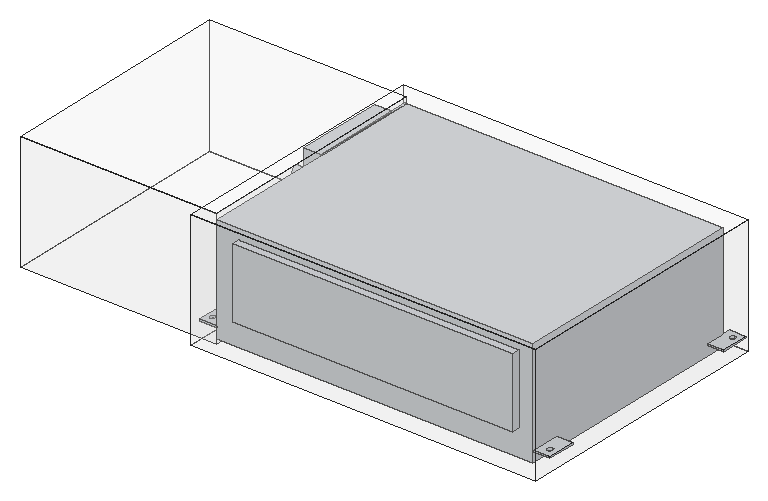
Revit family "pefy-mp140_280m-f_50Hz", category 機械設備, Revit 2019
Family settings
  丸型コネクタ寸法 = 直径を使用
  パーツ タイプ = 標準
  OmniClass 番号 = 23.75.10.24.21.27.27
  OmniClass タイトル = Split System Air Conditioning Units
  作業面ベース = いいえ
  常に垂直 = はい
  ロード時にボイドで切り取り = いいえ
  共有 = いいえ
  部屋計算ポイント = はい
Parameters (values of type "PEFY-MP140M-F")
  風量（弱）（m3／min） = 14
  風量（m3／min） = 18
  風量 = MAX風量  # 1080.0 m³/h
  音響パワーレベル（弱）(dB) = 61
  音響パワーレベル(dB) = 68
  電源種別 = ""
  電源_H = 0 mm
  電圧_電気ヒーター = 0 V
  電圧 = 200 V
  電動機出力_送風機 = 0.244 kW
  運転質量 = 0.00 kg
  連動 = ""
  質量 = if(製品質量 > 運転質量, 製品質量, 運転質量) * 1.2  # 58.80 kg
  負荷分類 = 3_ファン類
  説明 = "ビル用マルチエアコン　天井埋込形オールフレッシュ　室内機"
  設計暖房能力 = 0.00 kW
  設計冷房能力_顕熱 = 0 kW
  設計冷房能力 = 0 kW
  設置方法 = "天井吊（隠ぺい）形"
  記号 = ""
  製造元 = "三菱電機株式会社"
  製品質量 = 49.00 kg
  製品出荷対象 = "国内"
  製品リリース年月 = "2025/7/31"
  製品グループ = ""
  系統 = ""
  符号 = "ACP_CID"
  積算_科目 = "1 空気調和設備"
  積算_拾い区分 [instance] = ""
  相_電気ヒーター = 1
  相 = 1
  盤記号 = ""
  発停方法 = "付属スイッチ"
  特殊仕様 = ""
  点検口離隔 [instance] = if(点検口離隔入力値 > 200 mm, 200 mm, if(点検口離隔入力値 < 150 mm, 150 mm, 点検口離隔入力値))  # 150 mm
  点検口離隔入力値 [instance] = 150 mm
  点検口設置範囲 = 700 mm
  点検口位置 = 200 mm
  点検口 = yes
  火災停止 = ""
  消費電力_電気ヒーター = 0.00 kW
  消費電力_暖房 = 0.12 kW
  消費電力_加湿器 = 0.00 kW
  消費電力_冷房 = 0.14 kW
  消費電力 = if(消費電力_冷房 > 消費電力_暖房, 消費電力_冷房, 消費電力_暖房) + 消費電力_加湿器 + 消費電力_電気ヒーター  # 0.14 kW
  法定耐用年数 = "15"
  機外静圧 = 130.0 Pa
  極数 = 2
  材質 = ""
  本体マテリアル = none
  有効加湿量 = 0
  暖房能力 = 8.90 kW
  形式_加湿器 = ""
  形式 = "天井吊（隠ぺい）形（両ダクト形）"
  幹線記号 = ""
  始動方式 = "直入"
  呼称 = "室内機_天井吊（隠ぺい）形（両ダクト形）"
  周波数 = 50 Hz
  吊り幅 = if(Depth = 900 mm, 60 mm, 60 mm)  # 60 mm
  吊り位置Y = 814 mm
  吊り位置X = 1204 mm
  吊りボルト_H = 41 mm  # constant formula
  台数_手元リモコン = ""
  台数_冷媒分岐ユニット = ""
  参照している仕様書等のバージョン = "公共建築工事標準仕様書（機械設備工事編）平成31年度版"
  加湿給水管径 = 0.00 mm
  分類コード = "50053003221070"
  分類グループ = ""
  冷房能力 = 14 kW
  冷媒高低圧ガス管径 = 0.00 mm
  冷媒管径符号 = "Bd"
  冷媒管径 = 100.00 mm
  冷媒液管径 = 9.52 mm
  冷媒液管_縦 = 58 mm
  冷媒液管_横 = 69 mm
  冷媒ガス管径 = 15.88 mm
  冷媒ガス管_縦 = 143 mm
  冷媒ガス管_横 = 186 mm
  企業コード = "108420"
  付属品_フィルター = ""
  付属品 = ""
  仕様書バージョン = "Version1.0"
  モデル = "PEFY-MP140M-F"
  ドレン管径 = 32.00 mm
  ドレン管_縦 = 327 mm
  ドレン管_横 = 431 mm
  サービススペース = yes
  コメント [instance] = ""
  ケーブル種類 = ""
  ケーブルサイズ = 0 mm
  Width = 1195 mm
  Version = ""
  Uniclass2015Version = "Systems v1.9"
  Uniclass2015Title = "Split coil remote air cooled condensing units"
  Uniclass2015Code = "Pr_70_65_03_84"
  URL = "https://www.mitsubishielectric.co.jp/ldg/wink/qr/002/341455/"
  SpecificationReference = ""
  SpecificationDescription = ""
  S_H = Height + 20 mm  # 400 mm
  SAサイズ_W = 1000 mm
  SAサイズ_D = 250 mm
  Revision = ""
  RAサイズ_W = 1050 mm
  RAサイズ_D = 340 mm
  ProductInformation = ""
  OmniClassCode = "23-33 17 13 11"
  MIN風量 = 風量（弱）（m3／min） * 60.0 m³/h  # 840.0 m³/h
  MAX風量 = 風量（m3／min） * 60.0 m³/h  # 1080.0 m³/h
  IfcTypeProduct = ""
  IfcProduct = ""
  IfcExportType = "AIRCONDITIONINGUNIT"
  IfcExportAs = "IfcUnitaryEquipmentType"
  Height = 380 mm
  Depth = 900 mm
  Clearance Top = 20 mm  # constant formula
  Clearance Right = 50 mm  # constant formula
  Clearance Left = if(Width = 1195 mm, 1180 mm, 1300 mm)  # 1180 mm
  Clearance Front = if(Depth = 900 mm, 897 mm, 1117 mm)  # 897 mm
  Clearance Bottom = 20 mm  # constant formula
  Clearance Back = 50 mm  # constant formula
  Author = "三菱電機株式会社"
Types (3, lengths in mm): name | 風量（弱）（m3／min） | 風量（m3／min） | 風量 | 音響パワーレベル（弱）(dB) | 音響パワーレベル(dB) | 電動機出力_送風機 | 質量 | 製品質量 | 点検口設置範囲 | 点検口位置 | 消費電力_暖房 | 消費電力_冷房 | 消費電力 | 暖房能力 | 吊り位置Y | 吊り位置X | 冷房能力 | 冷媒管径符号 | 冷媒液管_縦 | 冷媒液管_横 | 冷媒ガス管径 | 冷媒ガス管_縦 | 冷媒ガス管_横 | モデル | ドレン管_横 | Width | URL | S_H | SAサイズ_W | SAサイズ_D | RAサイズ_W | RAサイズ_D | MIN風量 | MAX風量 | Height | Depth | Clearance Left | Clearance Front
  PEFY-MP140M-F | 14 | 18 | 1080.0 m³/h | 61 | 68 | 0.244 kW | 58.80 kg | 49.00 kg | 700 | 200 | 0.12 kW | 0.14 kW | 0.14 kW | 8.90 kW | 814 | 1204 | 14 kW | "Bd" | 58 | 69 | 15.88 | 143 | 186 | "PEFY-MP140M-F" | 431 | 1195 | "https://www.mitsubishielectric.co.jp/ldg/wink/qr/002/341455/" | 400 | 1000 | 250 | 1050 | 340 | 840.0 m³/h | 1080.0 m³/h | 380 | 900 | 1180 | 897
  PEFY-MP280M-F | 28 | 35 | 2100.0 m³/h | 66 | 71 | 0.375 kW | 97.20 kg | 81.00 kg | 800 | 300 | 0.25 kW | 0.28 kW | 0.28 kW | 17.40 kW | 1034 | 1324 | 28 kW | "Bf" | 44 | 95 | 22.20 | 164 | 249 | "PEFY-MP280M-F" | 489 | 1250 | "https://www.mitsubishielectric.co.jp/ldg/wink/qr/002/341457/" | 490 | 1100 | 340 | 1100 | 420 | 1680.0 m³/h | 2100.0 m³/h | 470 | 1120 | 1300 | 1117
  PEFY-MP224M-F | 22.5 | 28 | 1680.0 m³/h | 62 | 67 | 0.375 kW | 93.60 kg | 78.00 kg | 800 | 300 | 0.10 kW | 0.12 kW | 0.12 kW | 13.90 kW | 1034 | 1324 | 22.4 kW | "Be" | 44 | 95 | 19.10 | 164 | 249 | "PEFY-MP224M-F" | 489 | 1250 | "https://www.mitsubishielectric.co.jp/ldg/wink/qr/002/341456/" | 490 | 1100 | 340 | 1100 | 420 | 1350.0 m³/h | 1680.0 m³/h | 470 | 1120 | 1300 | 1117
Reference planes
  plane 1 "中心(正面/背面)": y = -138.467
  plane 2: z = 0
  plane 3 "中心(左/右)": x = 140.396
  plane 4: z = 380
  plane 5: z = 400
  plane 6: x = 742.396
  plane 7: x = -461.604
  plane 8: y = -528.467
  plane 9: y = 285.533
  plane 10: y = -588.467
  plane 11: y = 311.533
  plane 12: x = 705.396
  plane 13: x = -489.604
  plane 14: z = -20
  plane 15: x = 765.396
  plane 16: y = -559.467
  plane 17: y = 287.533
  plane 18: y = -135.967
  plane 19: y = -362.467
  plane 20: y = 87.533
  plane 21: x = -424.604
  plane 22: x = -574.604
  plane 23: x = -1124.604
  plane 24: z = 400
  plane 25: x = -474.604
  plane 26: y = -609.467
  plane 27: x = 755.396
  plane 28: y = 337.533
  plane 29: x = -1024.604
Lines and regions (mm)
  symbolic lines, detail levels coarse+medium
    curve 1: line (705.396, 287.533, 0) -> (-424.604, 287.533, 0)
    curve 2: line (705.396, -559.467, 0) -> (705.396, 287.533, 0)
    curve 3: line (-424.604, -559.467, 0) -> (705.396, -559.467, 0)
    curve 4: line (-424.604, 287.533, 0) -> (-424.604, -559.467, 0)
Dimensions and locks
  "S_H": plane 5 to level
  "吊り位置X": plane 6 to plane 7
  "吊り位置Y": plane 9 to plane 8
  equal spacing: plane 11, plane 1 "中心(正面/背面)", plane 10
  "Depth": plane 11 to plane 10
  "Width": plane 12 to plane 13
  "Clearance Bottom": level to plane 14
  locked: plane 8 to plane 10 at 60
  "吊り幅": plane 15 to plane 12
  locked: plane 15 to plane 6 at 23
  "Height": plane 4 to level
  locked: plane 11 to plane 17 at 24
  locked: plane 16 to plane 10 at 29
  locked: plane 20 to plane 19 at 450
  equal spacing: plane 17, plane 18, plane 16
  plane 21 to plane 7 = 37 mm
  "点検口離隔": plane 21 to plane 22
  "点検口設置範囲": plane 21 to plane 23
  "Clearance Top": plane 24 to plane 4
  "Clearance Back": plane 16 to plane 26
  "Clearance Right": plane 21 to plane 25
  "Clearance Front": plane 28 to plane 16
  "Clearance Left": plane 27 to plane 21
  "点検口位置": plane 17 to plane 20
  equal spacing: plane 6, plane 3 "中心(左/右)", plane 7
  equal spacing: plane 12, plane 3 "中心(左/右)", plane 21
  locked: plane 29 to plane 22 at 450
  plane 13 to plane 21 = 65 mm
  plane 24 to plane 4 to level to plane 14 = 20 mm, 380 mm, 20 mm
  aligned and locked: level to plane 2
  aligned and locked: nested 3 to plane 6
  aligned and locked: nested 3 to plane 7
  aligned and locked: plane 8 to nested 3
  aligned and locked: nested 3 to plane 9
  aligned and locked: nested 4 to plane 3 "中心(左/右)"
  aligned and locked: plane 1 "中心(正面/背面)" to nested 4
  aligned and locked: plane 19 to nested 2
  aligned and locked: plane 20 to nested 2
  aligned and locked: nested 2 to plane 22
  aligned and locked: plane 24 to nested 1
  aligned and locked: plane 24 to nested 5
  aligned and locked: plane 14 to nested 1
  aligned and locked: plane 14 to nested 5
  aligned and locked: nested 1 to plane 16
  aligned and locked: nested 1 to plane 17
  aligned and locked: nested 1 to plane 23
  aligned and locked: nested 1 to plane 21
  aligned and locked: nested 5 to plane 26
  aligned and locked: nested 5 to plane 28
  aligned and locked: nested 5 to plane 25
  aligned and locked: nested 5 to plane 27
  aligned and locked: curve 2 to nested 4
  aligned and locked: nested 1 to curve 4
  aligned and locked: plane 29 to nested 2
Automatic sketch dimensions
  curve 2 to plane 17 = 0 mm
  curve 3 to plane 16 = 0 mm
Nested families
  nested 1: "サービススペース" at (-774.604, -135.967, 190) x (-1, 0, 0) z (0, 0, 1), visible <- "サービススペース", type "サービススペース"
    with Width 700 mm, Height 420 mm, Depth 847 mm
  nested 2: "点検口設置範囲" at (-799.604, -137.467, 0) x (-1, 0, 0) z (0, 0, 1), visible <- "点検口", type "点検口設置範囲"
    with Width 450 mm, Depth 450 mm
  nested 3: "固定点" at (742.396, 285.533, 0) x (-1, 0, 0) z (0, 0, 1), type "固定点"
    with W 1204 mm, D 814 mm
  nested 4: "PEFY-MP_M-F" at (312.896, -138.467, 0) x (0, -1, 0) z (0, 0, 1), type "PEFY-MP_M-F"
    with 制御ボクス yes, ユニット表示 yes
  nested 5: "サービススペース" at (140.396, -135.967, 190) x (-1, 0, 0) z (0, 0, 1), visible <- "サービススペース", type "サービススペース"
    with Width 1230 mm, Height 420 mm, Depth 947 mm
Connectors
  hvac at (155.396, -588.467, 219), driven by "SAサイズ_D", driven by "SAサイズ_W", driven by "機外静圧", driven by "風量"
    settings: on nested 4, index 1, duct flow 1080.0 m³/h, flow factor 0, pres drop 130.0 Pa, loss coef 0, conn angle 0.00°, conn width 1000 mm, conn height 250 mm, conn diameter 609.6 mm, duct sys type 29, conn prof type 1, flow config 0, flow direction 2, loss method 4, conn ref index -1, conn util no, is conn primary yes, conn desc "SA"
  hvac at (140.396, 311.533, 186), driven by "RAサイズ_D", driven by "RAサイズ_W", driven by "風量"
    settings: on nested 4, index 2, duct flow 1080.0 m³/h, flow factor 0, pres drop 0.0 Pa, loss coef 0, conn angle 0.00°, conn width 1050 mm, conn height 340 mm, conn diameter 609.6 mm, duct sys type 29, conn prof type 1, flow config 0, flow direction 1, loss method 4, conn ref index -1, conn util no, is conn primary no, conn desc "RA"
  piping at (-501.604, -338.967, 172), diameter 100, driven by "冷媒管径", driven by "冷媒管径符号"
    settings: on nested 4, index 3, connector inside diameter 609.60 mm, connector length 0 mm, flow factor 0, pipe flow 0.0 L/s, pressure drop 0.0 Pa, fitting loss kfactor 0, connector angle 0.00°, fixture units 0, engagement length 0 mm, angle of deflection 0.00°, flow configuration 1, flow direction 1, fitting loss method 4, system type 7, joint type 0, gender type 0, connector reference index -1, connector utility 0, adjustable connector no, is connector primary yes, connector description "Bd"
  piping at (-486.604, -128.467, 327), diameter 32, driven by "ドレン管径"
    settings: on nested 4, index 4, connector inside diameter 609.60 mm, connector length 0 mm, flow factor 0, pipe flow 0.0 L/s, pressure drop 0.0 Pa, fitting loss kfactor 0, connector angle 0.00°, fixture units 0, engagement length 0 mm, angle of deflection 0.00°, flow configuration 1, flow direction 2, fitting loss method 4, system type 16, joint type 0, gender type 0, connector reference index -1, connector utility 0, adjustable connector no, is connector primary no, connector description ""
  electrical at (-434.604, 117.533, 60), driven by "極数", driven by "負荷分類", driven by "電圧", driven by "消費電力"
    settings: on nested 4, index 5, voltage 200 V, apparent load 140 VA, apparent load phase1 0 VA, apparent load phase2 0 VA, apparent load phase3 0 VA, power factor 1, load classification "3_ファン類", number of poles 2, system type 30, power factor state 1, is connector primary yes, connector utility no, sub classification motor no, connector description ""
  piping at (-444.604, -215.467, 30), diameter 32, driven by "ドレン管径"
    settings: on nested 4, index 6, connector inside diameter 609.60 mm, connector length 0 mm, flow factor 0, pipe flow 0.0 L/s, pressure drop 0.0 Pa, fitting loss kfactor 0, connector angle 0.00°, fixture units 0, engagement length 0 mm, angle of deflection 0.00°, flow configuration 1, flow direction 2, fitting loss method 4, system type 16, joint type 0, gender type 0, connector reference index -1, connector utility 0, adjustable connector no, is connector primary no, connector description ""
Definition of nested family "サービススペース"
  Parameters (values of type "サービススペース")
    Width [instance] = 500 mm
    Height [instance] = 500 mm
    Depth [instance] = 500 mm
  Reference planes
    plane 1 "中心(正面/背面)": y = 0
    plane 2: z = 0
    plane 3 "中心(左/右)": x = 0
    plane 4: y = -250
    plane 5: x = 250
    plane 6: y = 250
    plane 7: x = -250
    plane 8: z = 250
    plane 9: z = -250
  Forms (mm)
    Extrusion 1, solid
      sketch origin (-638.939, 0, 72.39) x (1, 0, 0) y (0, 1, 0)
        loop
          line (388.939, 250) -> (388.939, -250) -> (888.939, -250) -> (888.939, 250) -> (388.939, 250)
      from -322.39 to 177.61
  Lines and regions (mm)
    symbolic lines
      curve 1: line (-250, 0, 250) -> (250, 0, 250)
      curve 2: line (-250, 0, -250) -> (-250, 0, 250)
      curve 3: line (250, 0, -250) -> (-250, 0, -250)
      curve 4: line (250, 0, 250) -> (250, 0, -250)
      curve 5: line (0, -250, 250) -> (0, 250, 250)
      curve 6: line (0, -250, -250) -> (0, -250, 250)
      curve 7: line (0, 250, -250) -> (0, -250, -250)
      curve 8: line (0, 250, 250) -> (0, 250, -250)
      curve 9: line (-250, 250, 0) -> (250, 250, 0)
      curve 10: line (-250, -250, 0) -> (-250, 250, 0)
      curve 11: line (250, -250, 0) -> (-250, -250, 0)
      curve 12: line (250, 250, 0) -> (250, -250, 0)
  Dimensions and locks
    equal spacing: plane 7, plane 3 "中心(左/右)", plane 5
    equal spacing: plane 4, plane 1 "中心(正面/背面)", plane 6
    "Depth": plane 4 to plane 6
    "Width": plane 7 to plane 5
    equal spacing: plane 8, plane 2, plane 9
    "Height": plane 8 to plane 9
    aligned and locked: plane 9 to curve 3
    aligned and locked: plane 7 to curve 2
    aligned and locked: curve 4 to plane 5
    aligned and locked: plane 5 to Extrusion 1
    aligned and locked: Extrusion 1 to plane 7
    aligned and locked: Extrusion 1 to plane 9
    aligned and locked: plane 8 to Extrusion 1
    aligned and locked: plane 9 to curve 7
  Automatic sketch dimensions
    plane 4 to Extrusion 1 sketch curve = 0 mm
    Extrusion 1 sketch curve to plane 7 = 0 mm
    Extrusion 1 sketch curve to plane 5 = 0 mm
    plane 6 to Extrusion 1 sketch curve = 0 mm
    curve 2 to plane 8 = 0 mm
    plane 4 to curve 11 = 0 mm
    curve 11 to plane 7 = 0 mm
    curve 11 to plane 5 = 0 mm
    plane 6 to curve 10 = 0 mm
    curve 7 to plane 4 = 0 mm
    curve 7 to plane 6 = 0 mm
    curve 6 to plane 8 = 0 mm
Definition of nested family "PEFY-MP_M-F"
  Parameters (values of type "PEFY-MP_M-F")
    配線取出口サイズ = 36 mm
    配線取出口-Z = 60 mm  # constant formula
    配線取出口-Y = 10 mm  # constant formula
    配線取出口-X = 50 mm  # constant formula
    制御ボクス [instance] = and(ユニット表示, 幅さ = 900 mm)  # yes
    冷媒液配管サイズ = 9.52 mm
    冷媒液管長さ = if(幅さ = 900 mm, 66 mm, 100 mm)  # 66 mm
    冷媒ガス管長さ = if(幅さ = 900 mm, 77 mm, 100 mm)  # 77 mm
    ドレン管径_自然-X = if(幅さ = 900 mm, 344 mm, 424 mm)  # 344 mm
    y = if(幅さ = 900 mm, 65 mm, 0 mm)  # 65 mm
    e = if(幅さ = 900 mm, 80 mm, 100 mm)  # 80 mm
    d = if(幅さ = 900 mm, 40 mm, 102 mm)  # 40 mm
    R2 = 250 mm
    R1 = if(幅さ = 900 mm, 94 mm, 105 mm)  # 94 mm
    L2 = 340 mm
    L1 = if(幅さ = 900 mm, 16 mm, 20 mm)  # 16 mm
    E = 1000 mm
    C = 1130 mm
    A = if(奥行き = 1195 mm, 1250 mm, 1370 mm)  # 1250 mm
    高さ = 380 mm
    奥行き = 1195 mm
    吊りボルト_H = 167 mm
    冷媒配管 = 100 mm
    冷媒液管径-Z = 58 mm
    冷媒液管径-X = 69 mm
    冷媒ガス管径-Z = 143 mm
    冷媒ガス管径-X = 186 mm
    ユニット表示 [instance] = yes
    吊りボルトピッチ = 814 mm
    ドレン配管サイズ = 32 mm
    ドレン管径-Z = 327 mm
    ドレン管径-Y = 10 mm  # constant formula
    ドレン管径-X = 431 mm
    冷媒ガス配管サイズ = 15.88 mm
    D = 1050 mm
    幅さ = 900 mm
    B = 1204 mm
  Reference planes
    plane 1 "中心(正面/背面)": y = -172.5
    plane 2: z = 0
    plane 3 "中心(左/右)": x = 0
    plane 4: z = 380
    plane 5: z = -20
    plane 6: x = -450
    plane 7: x = 450
    plane 8: y = -797.5
    plane 9: z = 400
    plane 10: y = 392.5
    plane 11: y = -737.5
    plane 12: x = -426
    plane 13: x = 421
    plane 14: z = 41
    plane 15: z = 36
    plane 16: y = 342.5
    plane 17: y = -657.5
    plane 18: y = 352.5
    plane 19: y = -697.5
    plane 20: y = 429.5
    plane 21: z = 356
    plane 22: z = 16
    plane 23: z = 94
    plane 24: z = 344
    plane 25: y = -802.5
    plane 26: x = -366
    plane 27: x = -306
    plane 28: z = 120
    plane 29: z = 170
    plane 30: y = -742.5
    plane 31: x = -454
    plane 32: x = 390
    plane 33: x = -424
    plane 34: x = -354
    plane 35: x = 321
    plane 36: y = 452.5
    plane 37: y = -774.5
    plane 38: y = -802.5
    plane 39: x = 235
    plane 40: z = 143
    plane 41: x = 166
    plane 42: z = 201
    plane 43: x = 200.5
    plane 44: z = 172
    plane 45: x = -10
    plane 46: x = -50
    plane 47: z = 327
    plane 48: x = -256
    plane 49: z = 60
    plane 50: z = 30
    plane 51: x = 77
    plane 52: y = -814.5
    plane 53: y = -803.5
  Forms (mm)
    Extrusion 1, solid, visible <- "ユニット表示", detail levels fine
      sketch origin (0, 0, 0) x (1, 0, 0) y (0, 1, 0)
        loop
          line (-426, 392.5) -> (-426, -737.5) -> (421, -737.5) -> (421, 392.5) -> (-426, 392.5)
      from 0 to 380
    Extrusion 2, solid, visible <- "ユニット表示", detail levels fine
      sketch origin (0, 0, 0) x (1, 0, 0) y (0, 1, 0)
        loop
          line (-450, 352.5) -> (-450, -697.5) -> (-426, -697.5) -> (-426, 352.5) -> (-450, 352.5)
      from 16 to 356
    Extrusion 3, solid, visible <- "ユニット表示", detail levels fine
      sketch origin (0, 0, 0) x (1, 0, 0) y (0, 1, 0)
        loop
          line (450, 342.5) -> (421, 342.5) -> (421, -657.5) -> (450, -657.5) -> (450, 342.5)
      from 94 to 344
    Extrusion 4, solid, visible <- "ユニット表示", detail levels fine
      sketch origin (1480.036, -737.5, 1200) x (1, 0, 0) y (0, 0, 1)
        loop
          line (-1906.036, -820) -> (-1906.036, -1080) -> (-1786.036, -1200) -> (-1530.036, -1200) -> (-1530.036, -820) -> (-1906.036, -820)
      from 0 to 5
    Extrusion 5, solid, visible <- "制御ボクス", detail levels fine
      sketch origin (1480.036, -742.5, 1200) x (1, 0, 0) y (0, 0, 1)
        loop
          line (-1786.036, -1030) -> (-1786.036, -1184) -> (-1530.036, -1184) -> (-1530.036, -820) -> (-1846.036, -820) -> (-1846.036, -1030) -> (-1786.036, -1030)
      from 0 to 60
    Extrusion 6, solid, visible <- "ユニット表示", detail levels fine
      sketch origin (-1437.329, -1524, 36) x (-1, 0, 0) y (0, -1, 0)
        loop
          line (-1083.329, -1976.5) -> (-983.329, -1976.5) -> (-983.329, -1916.5) -> (-1083.329, -1916.5) -> (-1083.329, -1976.5)
        loop
          line (-1758.329, -1976.5) -> (-1758.329, -1916.5) -> (-1858.329, -1916.5) -> (-1858.329, -1976.5) -> (-1758.329, -1976.5)
        loop
          line (-1758.329, -726.5) -> (-1858.329, -726.5) -> (-1858.329, -786.5) -> (-1758.329, -786.5) -> (-1758.329, -726.5)
        loop
          line (-983.329, -786.5) -> (-983.329, -726.5) -> (-1083.329, -726.5) -> (-1083.329, -786.5) -> (-983.329, -786.5)
        loop
          circle (-1013.329, -1953.5) r 10
        loop
          circle (-1827.329, -1953.5) r 10
        loop
          circle (-1827.329, -749.5) r 10
        loop
          circle (-1013.329, -749.5) r 10
      from 0 to 5
    Extrusion 7, solid, visible <- "ユニット表示", detail levels fine
      sketch origin (1480.036, -737.5, 1200) x (1, 0, 0) y (0, 0, 1)
        loop
          circle (-1245.036, -1057) r 7.94
      from 0 to 77
    Extrusion 8, solid, visible <- "ユニット表示", detail levels fine
      sketch origin (1480.036, -737.5, 1200) x (1, 0, 0) y (0, 0, 1)
        loop
          circle (-1314.036, -999) r 4.76
      from 0 to 66
    Extrusion 9, solid, visible <- "ユニット表示", detail levels fine
      sketch origin (1480.036, -737.5, 1200) x (1, 0, 0) y (0, 0, 1)
        loop
          circle (-1279.536, -1028) r 50
      from 0 to 77 <- "冷媒ガス管長さ"
    Extrusion 10, solid, visible <- "ユニット表示", detail levels fine
      sketch origin (1480.036, -737.5, 1200) x (1, 0, 0) y (0, 0, 1)
        loop
          circle (-1490.036, -873) r 16
      from 0 to 62
    Extrusion 11, solid, visible <- "ユニット表示", detail levels fine
      sketch origin (1480.036, -737.5, 1200) x (1, 0, 0) y (0, 0, 1)
        loop
          circle (-1736.036, -1140) r 18
      from 0 to 10
    Extrusion 12, solid, detail levels coarse+medium
      sketch origin (-1437.329, -1524, 36) x (-1, 0, 0) y (0, -1, 0)
        loop
          line (-1858.329, -1916.5) -> (-1011.329, -1916.5) -> (-1011.329, -786.5) -> (-1858.329, -786.5) -> (-1858.329, -1916.5)
      from -36 to 344
    Extrusion 13, solid, detail levels fine
      sketch origin (1480.036, -737.5, 1200) x (1, 0, 0) y (0, 0, 1)
        loop
          circle (-1403.036, -1170) r 16
      from 0 to 20
  Dimensions and locks
    locked: level to plane 5 at 20
    equal spacing: plane 6, plane 3 "中心(左/右)", plane 7
    "幅さ": plane 6 to plane 7
    locked: plane 9 to plane 4 at 20
    "高さ": plane 4 to level
    locked: plane 6 to plane 12 at 24
    locked: plane 13 to plane 7 at 29
    locked: plane 14 to level at 41
    locked: plane 14 to plane 15 at 5
    "D": plane 19 to plane 18
    "E": plane 17 to plane 16
    "L1": plane 22 to level
    "R2": plane 24 to plane 23
    "R1": plane 23 to level
    "L2": plane 21 to plane 22
    "e": plane 11 to plane 17
    "d": plane 11 to plane 19
    "奥行き": plane 25 to plane 10
    plane 12 to plane 26 to plane 27 = 60 mm locked, 60 mm locked
    locked: plane 28 to level at 120
    locked: plane 29 to plane 28 at 50
    locked: plane 30 to plane 11 at 5
    locked: plane 31 to plane 6 at 4
    locked: plane 32 to plane 7 at 60
    "吊りボルトピッチ": plane 33 to plane 32
    locked: plane 31 to plane 34 at 100
    locked: plane 35 to plane 13 at 100
    "y": plane 25 to plane 11
    "B": plane 37 to plane 20
    plane 8 to plane 37 = 23 mm
    locked: plane 38 to plane 30 at 60
    "冷媒ガス管径-Z": plane 40 to level
    "冷媒ガス管径-X": plane 39 to plane 13
    "冷媒液管径-X": plane 41 to plane 39
    "冷媒液管径-Z": plane 42 to plane 40
    equal spacing: plane 42, plane 44, plane 40
    equal spacing: plane 41, plane 43, plane 39
    "ドレン管径-X": plane 45 to plane 13
    locked: plane 46 to plane 3 "中心(左/右)" at 50
    "ドレン管径-Z": plane 47 to level
    locked: plane 27 to plane 48 at 50
    "配線取出口-Z": plane 49 to level
    "A": plane 8 to plane 36
    equal spacing: plane 11, plane 1 "中心(正面/背面)", plane 10
    equal spacing: plane 8, plane 1 "中心(正面/背面)", plane 36
    equal spacing: plane 37, plane 1 "中心(正面/背面)", plane 20
    plane 50 to Extrusion 12 = 30 mm
    "ドレン管径_自然-X": plane 13 to Extrusion 13 sketch curve
    "冷媒液管長さ": plane 53 to plane 11
    "冷媒ガス管長さ": plane 52 to plane 11
    diameter of Extrusion 6 sketch curve = 20 mm  (x4)
    "冷媒ガス配管サイズ": diameter of Extrusion 7 sketch curve
    "冷媒液配管サイズ": diameter of Extrusion 8 sketch curve
    "冷媒配管": diameter of Extrusion 9 sketch curve
    "ドレン配管サイズ": diameter of Extrusion 10 sketch curve
    "配線取出口サイズ": diameter of Extrusion 11 sketch curve
    diameter of Extrusion 13 sketch curve = 32 mm
    aligned and locked: level to plane 2
    aligned and locked: plane 10 to Extrusion 1 sketch curve
    aligned and locked: plane 12 to Extrusion 1 sketch curve
    aligned and locked: Extrusion 1 sketch curve to plane 11
    aligned and locked: Extrusion 1 sketch curve to plane 13
    aligned and locked: Extrusion 1 to level
    aligned and locked: plane 4 to Extrusion 1
    aligned and locked: plane 18 to Extrusion 2 sketch curve
    aligned and locked: Extrusion 2 sketch curve to plane 19
    aligned and locked: Extrusion 2 sketch curve to plane 12
    aligned and locked: plane 6 to Extrusion 2 sketch curve
    aligned and locked: Extrusion 2 to plane 22
    aligned and locked: plane 21 to Extrusion 2
    aligned and locked: Extrusion 3 sketch curve to plane 16
    aligned and locked: plane 17 to Extrusion 3 sketch curve
    aligned and locked: Extrusion 3 sketch curve to plane 13
    aligned and locked: plane 7 to Extrusion 3 sketch curve
    aligned and locked: Extrusion 3 to plane 23
    aligned and locked: plane 24 to Extrusion 3
    aligned and locked: Extrusion 4 sketch curve to plane 4
    aligned and locked: Extrusion 4 sketch curve to plane 12
    aligned and locked: Extrusion 4 sketch curve to level
    aligned and locked: Extrusion 4 to plane 11
    aligned and locked: plane 30 to Extrusion 4
    aligned and locked: Extrusion 5 sketch curve to plane 27
    aligned and locked: Extrusion 5 sketch curve to plane 29
    aligned and locked: Extrusion 5 sketch curve to plane 26
    aligned and locked: Extrusion 5 sketch curve to plane 4
    aligned and locked: Extrusion 5 sketch curve to plane 22
    aligned and locked: Extrusion 5 to plane 30
    aligned and locked: Extrusion 6 sketch curve to plane 36
    aligned and locked: plane 34 to Extrusion 6 sketch curve
    aligned and locked: plane 10 to Extrusion 6 sketch curve
    aligned and locked: Extrusion 6 sketch curve to plane 31
    aligned and locked: plane 36 to Extrusion 6 sketch curve
    aligned and locked: plane 35 to Extrusion 6 sketch curve
    aligned and locked: Extrusion 6 sketch curve to Extrusion 1  (x4)
    aligned and locked: plane 8 to Extrusion 6 sketch curve
    aligned and locked: Extrusion 6 sketch curve to plane 35
    aligned and locked: plane 11 to Extrusion 6 sketch curve
    aligned and locked: plane 31 to Extrusion 6 sketch curve
    aligned and locked: Extrusion 6 sketch curve to plane 8
    aligned and locked: Extrusion 6 sketch curve to plane 34
    aligned and locked: plane 37 to Extrusion 6 sketch curve  (x2)
    aligned and locked: plane 33 to Extrusion 6 sketch curve  (x2)
    aligned and locked: plane 32 to Extrusion 6 sketch curve  (x2)
    aligned and locked: plane 20 to Extrusion 6 sketch curve  (x2)
    aligned and locked: Extrusion 6 to plane 15
    aligned and locked: plane 14 to Extrusion 6
    aligned and locked: plane 38 to Extrusion 5
    aligned and locked: plane 40 to Extrusion 7 sketch curve
    aligned and locked: plane 39 to Extrusion 7 sketch curve
    aligned and locked: Extrusion 7 to plane 11
    aligned and locked: plane 42 to Extrusion 8 sketch curve
    aligned and locked: plane 41 to Extrusion 8 sketch curve
    aligned and locked: Extrusion 8 to plane 11
    aligned and locked: Extrusion 9 to plane 11
    aligned and locked: Extrusion 5 sketch curve to plane 46
    aligned and locked: Extrusion 4 sketch curve to plane 46
    aligned and locked: plane 47 to Extrusion 10 sketch curve
    aligned and locked: plane 45 to Extrusion 10 sketch curve
    aligned and locked: Extrusion 10 to plane 11
    aligned and locked: plane 49 to Extrusion 11 sketch curve
    aligned and locked: plane 48 to Extrusion 11 sketch curve
    aligned and locked: Extrusion 11 to plane 11
    aligned and locked: plane 44 to Extrusion 9 sketch curve
    aligned and locked: plane 43 to Extrusion 9 sketch curve
    aligned and locked: Extrusion 12 sketch curve to Extrusion 1  (x4)
    aligned and locked: Extrusion 12 to Extrusion 1  (x2)
    aligned and locked: plane 52 to Extrusion 7
    aligned and locked: plane 53 to Extrusion 8
  Automatic sketch dimensions
    Extrusion 4 sketch curve to plane 27 = 0 mm
    Extrusion 4 sketch curve to plane 28 = 0 mm
    Extrusion 13 sketch curve to plane 50 = 0 mm
Definition of nested family "点検口設置範囲"
  Parameters (values of type "点検口設置範囲")
    Width [instance] = 1000 mm
    Depth [instance] = 700 mm
  Reference planes
    plane 1 "中心(正面/背面)": y = 0
    plane 2: z = 0
    plane 3 "中心(左/右)": x = 0
    plane 4: x = -500
    plane 5: x = 500
    plane 6: y = -350
    plane 7: y = 350
  Lines and regions (mm)
    model lines
      curve 1: line (-500, 350, 0) -> (500, 350, 0)
      curve 2: line (-500, -350, 0) -> (-500, 350, 0)
      curve 3: line (500, -350, 0) -> (-500, -350, 0)
      curve 4: line (500, 350, 0) -> (500, -350, 0)
  Dimensions and locks
    "Depth": plane 7 to plane 6
    "Width": plane 4 to plane 5
    equal spacing: plane 7, plane 1 "中心(正面/背面)", plane 6
    equal spacing: plane 4, plane 3 "中心(左/右)", plane 5
    aligned and locked: level to plane 2
    aligned and locked: plane 4 to curve 2
    aligned and locked: curve 1 to plane 7
    aligned and locked: curve 4 to plane 5
    aligned and locked: plane 6 to curve 3
Definition of nested family "固定点"
  Parameters (values of type "固定点")
    中心円 = 20 mm
    W [instance] = 1000 mm
    D [instance] = 1000 mm
  Reference planes
    plane 1 "中心(正面/背面)": y = 0
    plane 2: z = 0
    plane 3 "中心(左/右)": x = 0
    plane 4: x = 1000
    plane 5: y = 1000
  Lines and regions (mm)
    symbolic lines, detail levels fine
      curve 1: circle (0, 1000, 0) r 10 normal (0, 0, 1)
      curve 2: circle (0, 0, 0) r 10 normal (0, 0, 1)
      curve 3: circle (1000, 1000, 0) r 10 normal (0, 0, 1)
      curve 4: circle (1000, 0, 0) r 10 normal (0, 0, 1)
      curve 5: line (-200, 1000, 0) -> (1200, 1000, 0)
      curve 6: line (-200, 0, 0) -> (1200, 0, 0)
      curve 7: line (0, 1200, 0) -> (0, -200, 0)
      curve 8: line (1000, 1200, 0) -> (1000, -200, 0)
  Dimensions and locks
    "W": plane 3 "中心(左/右)" to plane 4
    "D": plane 1 "中心(正面/背面)" to plane 5
    "中心円": diameter of curve 1
    "中心円": diameter of curve 2
    "中心円": diameter of curve 3
    "中心円": diameter of curve 4
    aligned and locked: level to plane 2
    aligned and locked: plane 5 to curve 1
    aligned and locked: plane 3 "中心(左/右)" to curve 1
    aligned and locked: plane 3 "中心(左/右)" to curve 2
    aligned and locked: plane 1 "中心(正面/背面)" to curve 2
    aligned and locked: plane 4 to curve 3
    aligned and locked: plane 5 to curve 3
    aligned and locked: plane 1 "中心(正面/背面)" to curve 4
    aligned and locked: plane 4 to curve 4
    aligned and locked: plane 1 "中心(正面/背面)" to curve 6
    aligned and locked: curve 7 to plane 3 "中心(左/右)"
    aligned and locked: curve 8 to plane 4
  Automatic sketch dimensions
    curve 5 to plane 5 = 0 mm
    curve 6 to plane 3 "中心(左/右)" = 200 mm
    curve 5 to plane 3 "中心(左/右)" = 200 mm
    curve 4 to curve 6 = 200 mm
    curve 3 to curve 5 = 200 mm
    plane 1 "中心(正面/背面)" to curve 8 = 200 mm
    plane 1 "中心(正面/背面)" to curve 7 = 200 mm
    curve 3 to curve 8 = 200 mm
    curve 1 to curve 7 = 200 mm
